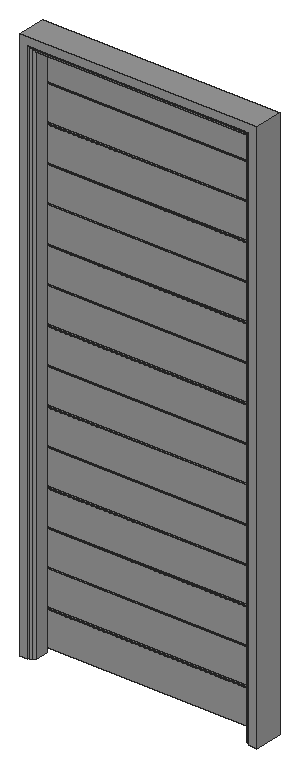
Revit family "IVT813HOR", category Doors, host Wall, Revit 2013
Parameters (values of type "IVT813HOR")
  Function = Interior
  Frame Projection Ext. = 25 mm
  Frame Projection Int. = 25 mm
  Frame Width = 75 mm
  Height = 2090 mm
  Wall Closure = By host
  Width = 889 mm
Reference planes
  plane 1: y = 0
  plane 2 "Center (Left/Right)": x = 0
  plane 3 "Left": x = -444.5
  plane 4 "Right": x = 444.5
  plane 5: z = 2090
  plane 6 "Exterior": y = 75
  plane 7 "Interior": y = -75
Forms (mm)
  Sweep 1, solid, material "Lauan, Meranti"
    path origin (0, 75, 0) x (1, 0, 0) y (0, 0, 1)
      loop
        line (444.5, 0) -> (444.5, 2090) -> (-444.5, 2090) -> (-444.5, 0)
    profile "Van Acht 105x50 Door Frame Routed Profile (Heavy) : Van Acht 105x50 Door Frame Routed Profile (Heavy)" origin (444.5, 75, 1045) x (-1, 0, 0) y (0, -1, 0)
      loop
        line (0, 22.5) -> (38, 22.5) -> (38, 67.5) -> (50, 67.5) -> (50, 112.5)
        arc (50, 112.5) -> (44.957, 114.29) -> (42.17, 118.859) r 8
        line (42.17, 118.859) -> (39, 118.859)
        arc (39, 118.859) -> (35.311, 122.973) -> (30, 124.5) r 10
        line (30, 124.5) -> (30, 127.5) -> (0, 127.5) -> (0, 22.5)
  Extrusion 2, solid, material "Lauan, Meranti"
    sketch origin (0, -1601.5, 20) x (0, 1, 0) y (0, 0, 1)
      loop
        line (1640, 0) -> (1649, 0) -> (1649, 128) -> (1644.5, 128) -> (1644.5, 136) -> (1649, 136) -> (1649, 264) -> (1644.5, 264) -> (1644.5, 272) -> (1649, 272) -> (1649, 400) -> (1644.5, 400) -> (1644.5, 408) -> (1649, 408) -> (1649, 536) -> (1644.5, 536) -> (1644.5, 544) -> (1649, 544) -> (1649, 672) -> (1644.5, 672) -> (1644.5, 680) -> (1649, 680) -> (1649, 808) -> (1644.5, 808) -> (1644.5, 816) -> (1649, 816) -> (1649, 944) -> (1644.5, 944) -> (1644.5, 952) -> (1649, 952) -> (1649, 1080) -> (1644.5, 1080) -> (1644.5, 1088) -> (1649, 1088) -> (1649, 1216) -> (1644.5, 1216) -> (1644.5, 1224) -> (1649, 1224) -> (1649, 1352) -> (1644.5, 1352) -> (1644.5, 1360) -> (1649, 1360) -> (1649, 1488) -> (1644.5, 1488) -> (1644.5, 1496) -> (1649, 1496) -> (1649, 1624) -> (1644.5, 1624) -> (1644.5, 1632) -> (1649, 1632) -> (1649, 1760) -> (1644.5, 1760) -> (1644.5, 1768) -> (1649, 1768) -> (1649, 1896) -> (1644.5, 1896) -> (1644.5, 1904) -> (1649, 1904) -> (1649, 2032) -> (1640, 2032) -> (1640, 0)
    from -396.5 to 396.5
  Sweep 3, solid, material "Lauan, Meranti"
    path origin (-4820, 38.5, 0) x (1, 0, 0) y (0, 0, 1)
      loop
        line (5216.5, 2052) -> (4423.5, 2052) -> (4423.5, 20) -> (5216.5, 20) -> (5216.5, 2052)
    profile origin (0, 38.5, 2052) x (0, 0, -1) y (0, -1, 0)
      loop
        line (0, 0) -> (40, 0) -> (40, 22) -> (0, 22) -> (0, 0)
  Extrusion 4, solid, material "Lauan, Meranti"
    sketch origin (0, 1656.5, 20) x (0, -1, 0) y (0, 0, -1)
      loop
        line (1640, 0) -> (1640, -2032) -> (1649, -2032) -> (1649, -1904) -> (1644.5, -1904) -> (1644.5, -1896) -> (1649, -1896) -> (1649, -1768) -> (1644.5, -1768) -> (1644.5, -1760) -> (1649, -1760) -> (1649, -1632) -> (1644.5, -1632) -> (1644.5, -1624) -> (1649, -1624) -> (1649, -1496) -> (1644.5, -1496) -> (1644.5, -1488) -> (1649, -1488) -> (1649, -1360) -> (1644.5, -1360) -> (1644.5, -1352) -> (1649, -1352) -> (1649, -1224) -> (1644.5, -1224) -> (1644.5, -1216) -> (1649, -1216) -> (1649, -1088) -> (1644.5, -1088) -> (1644.5, -1080) -> (1649, -1080) -> (1649, -952) -> (1644.5, -952) -> (1644.5, -944) -> (1649, -944) -> (1649, -816) -> (1644.5, -816) -> (1644.5, -808) -> (1649, -808) -> (1649, -680) -> (1644.5, -680) -> (1644.5, -672) -> (1649, -672) -> (1649, -544) -> (1644.5, -544) -> (1644.5, -536) -> (1649, -536) -> (1649, -408) -> (1644.5, -408) -> (1644.5, -400) -> (1649, -400) -> (1649, -272) -> (1644.5, -272) -> (1644.5, -264) -> (1649, -264) -> (1649, -136) -> (1644.5, -136) -> (1644.5, -128) -> (1649, -128) -> (1649, 0) -> (1640, 0)
    from -396.5 to 396.5
  Extrusion 5, solid, material "Lauan, Meranti"
    sketch origin (-4820, -1601.5, 0) x (1, 0, 0) y (0, 1, 0)
      loop
        line (4423.5, 1649) -> (4413.5, 1649) -> (4413.5, 1609) -> (4423.5, 1609) -> (4423.5, 1649)
      loop
        line (5216.5, 1649) -> (5216.5, 1609) -> (5226.5, 1609) -> (5226.5, 1649) -> (5216.5, 1649)
    from 20 to 2052
Lines and regions (mm)
  Opening 1
    outline origin (-3050, -75, 0) x (1, 0, 0) y (0, 0, 1)
      loop
        line (2605.5, 0) -> (3494.5, 0) -> (3494.5, 2090) -> (2605.5, 2090) -> (2605.5, 0)
  symbolic lines, style "Elevation Swing"
    curve 1: line (444.5, -75, 1045) -> (-444.5, -75, 2090)
    curve 2: line (444.5, -75, 1045) -> (-444.5, -75, 0)
  model lines
    curve 3: line (406.5, 52.5, 0) -> (406.5, 865.5, 0)
    curve 4: arc (-406.5, 52.5, 0) -> (-168.378, 627.378, 0) -> (406.5, 865.5, 0) r 813
Text (mm)
  text "Exterior" at (-2295.016, 1099.543, 0), in view "Ref. Level"
  text "Exterior" at (0, 1615.38, 3698.081), in view "Left"
  text "Exterior" at (0, 1036.032, 3874.932), in view "Right"
Dimensions and locks
  equal spacing: plane 3 "Left", plane 2 "Center (Left/Right)", plane 4 "Right"
  "Width": plane 3 "Left" to plane 4 "Right"
  "Height": plane 5 to host wall
  equal spacing: host wall, curve 2, plane 5
  host wall to plane 5 = 2090 mm
  locked: plane 6 "Exterior" to host wall at 0
  locked: plane 7 "Interior" to host wall
  plane 3 "Left" to plane 4 "Right" = 889 mm
  Sweep 1 to Sweep 1 = 813 mm
  aligned and locked: plane 3 "Left" to Opening 1 sketch curve
  aligned and locked: plane 5 to Opening 1 sketch curve  (x2)
  aligned and locked: Opening 1 sketch curve to plane 4 "Right"
  aligned and locked: Opening 1 sketch curve to level
  aligned and locked: plane 5 to curve 1
  aligned and locked: plane 3 "Left" to curve 2
  aligned and locked: plane 1 to host wall
  aligned and locked: plane 3 "Left" to curve 1
Automatic sketch dimensions
  plane 4 "Right" to curve 2 = 0 mm
  curve 2 to level = 0 mm
  plane 3 "Left" to Sweep 1 sketch curve = 0 mm
  plane 4 "Right" to Sweep 1 sketch curve = 0 mm
  Sweep 1 sketch curve to plane 5 = 0 mm
  Sweep 1 sketch curve to level = 0 mm  (x2)
  plane 4 "Right" to curve 3 = 38 mm
  host wall to curve 3 = 790.5 mm
  curve 4 to host wall = 22.5 mm
  curve 3 to curve 4 = 0 mm
  Extrusion 2 sketch curve to host wall = 36.5 mm
  level to Extrusion 2 sketch curve = 20 mm
  Extrusion 2 sketch curve to host wall = 32 mm  (x14)
  Extrusion 2 sketch curve to Extrusion 2 sketch curve = 4.5 mm  (x15)
  Extrusion 2 sketch curve to Extrusion 2 sketch curve = 128 mm  (x14)
  Extrusion 2 sketch curve to Extrusion 2 sketch curve = 8 mm  (x14)
  plane 5 to Extrusion 2 sketch curve = 38 mm
  Sweep 3 sketch curve to plane 3 "Left" = 48 mm
  level to Sweep 3 sketch curve = 20 mm
  plane 4 "Right" to Sweep 3 sketch curve = 48 mm
  plane 5 to Sweep 3 sketch curve = 38 mm
  Sweep 3 sketch curve to profile plane = 0 mm  (x2)
  profile plane to Sweep 3 sketch curve = 22 mm
  Sweep 3 sketch curve to profile plane = 40 mm
  Extrusion 4 sketch curve to host wall = 16.5 mm
  plane 5 to Extrusion 4 sketch curve = 38 mm
  Extrusion 4 sketch curve to host wall = 12 mm  (x14)
  Extrusion 4 sketch curve to Extrusion 4 sketch curve = 4.5 mm  (x15)
  Extrusion 4 sketch curve to Extrusion 4 sketch curve = 128 mm  (x14)
  Extrusion 4 sketch curve to Extrusion 4 sketch curve = 8 mm  (x14)
  level to Extrusion 4 sketch curve = 20 mm
  Extrusion 5 sketch curve to plane 3 "Left" = 38 mm
  Extrusion 5 sketch curve to host wall = 7.5 mm  (x2)
  Extrusion 5 sketch curve to Extrusion 5 sketch curve = 10 mm  (x2)
  plane 4 "Right" to Extrusion 5 sketch curve = 48 mm
  Extrusion 5 sketch curve to host wall = 27.5 mm  (x2)
